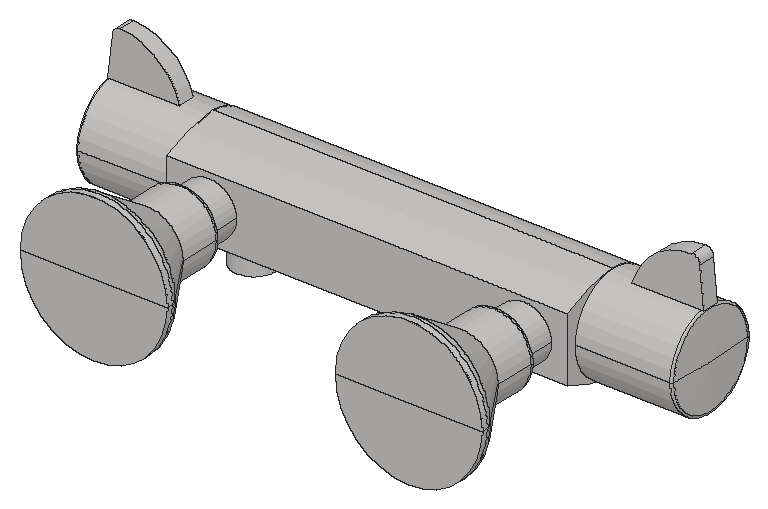
Revit family
Parameters (values of type "Type 1")
  WaterSupplyTemperatureMaximum = "55°C-85° (∆50°C : CW/HW)"
  WarrantyDurationUnit = "10 years"
  WarrantyDescription = "Any manufacturing defect"
  Version = "v1"
  URL = "http://www.delabie.com"
  Type Comments = "Wall-mounted thermostatic mixer"
  SerialNumber = "3456330115216"
  Radius = 10.3 mm
  ProductInformation = "http://www.delabie.com/products/h9741"
  Operation = "Dual control thermostatic mixer"
  NominalLength = 285 mm
  Name = "SECURITHERM Securitouch"
  ModelNumber = "H9741"
  Model = "SECURITHERM Securitouch"
  Material = Brass
  ManufacturerURL = "http://www.delabie.com"
  ManufacturerName = "DELABIE"
  Manufacturer = "DELABIE"
  IntegralAccessoryOptions = "Auto-draining device, hydrotherapy accessories, floor traps"
  IntegralAccessory = "Offset STOP/PURGE connectors"
  Grade = "ACS - NF - TMV3 - WRAS - BELGAQUA - PZH - HKWSD"
  FlowRate lps = "0,13 lps at 3 bar"
  FlowRate lpm = "8 lpm at 3 bar"
  Finish = Chrome-plated
  Features  = "SECURITHERM dual control thermostatic shower mixer with:\r\n- Anti-scalding failsafe: shuts off immediately if cold water supply fails. \r\n- Securitouch thermal insulation to prevent burns. \r\n- Scale-resistant thermostatic cartridge for temperature adjustment.\r\n- 1/4-turn ceramic head for flow rate adjustment.\r\n- Temperature control: 25 - 41°C.\r\n- Double temperature limiter: first limiter set at 38°C can be overridden, second limiter set at 41°C.\r\n- Thermal shocks are possible.\r\n- Flow rate limited to 8 lpm at 3 bar.\r\n- Chrome-plated brass body and ERGO controls.\r\n- M½\" shower outlet.\r\n- M¾\" inlets with integrated filters and non-return valves.\r\nMixer supplied with 2 offset STOP/PURGE wall connectors, M½\" M¾\"."
  Description = "French manufacturer Delabie is a leader in the European sanitary ware market for non-domestic places. Water controls, solutions for disabled people, sanitary ware, for schools, leisure centres, offices, hospitals, airports…"
  Category = "Shower mixer"
  Assembly Code = ""
Reference planes
  plane 1: y = 0
  plane 2 "Center (Left/Right)": x = 125
  plane 3 "Back": y = 75
  plane 4: y = 75
Text (mm)
  text "Placement side" at (-1787.139, 592.35, 0), in view "Ref. Level"
  text "Placement side" at (0, 1827.695, 2917.686), in view "Left"
  text "Placement side" at (0, 562.268, 3853.606), in view "Right"
Dimensions and locks
  locked: plane 3 "Back" to host wall at 0
  locked: plane 4 to plane 3 "Back" at 0
  aligned and locked: host wall to plane 1
  aligned and locked: plane 4 to nested 1
Nested families
  nested 1: "H9741" at (125, 75, 1000) x (-1, 0, 0) z (0, 1, 0), type "H9741"
Connectors
  piping at (51.556, 75, 1000), driven by "Radius"
    settings: on nested 1, index 1, connector radius 10.3 mm, flow factor 0, pipe flow 0.08 L/s, pressure drop 0.0 Pa, fitting loss kfactor 0, connector angle 0.00°, fixture units 0, flow configuration 0, flow direction 1, fitting loss method 0, system type 20, connector reference index -1, connector utility 0, adjustable connector no, is connector primary yes, fitting loss table "", connector description "In - Cold water"
  piping at (201.569, 75, 1000), driven by "Radius"
    settings: on nested 1, index 2, connector radius 10.3 mm, flow factor 0, pipe flow 0.08 L/s, pressure drop 0.0 Pa, fitting loss kfactor 0, connector angle 0.00°, fixture units 0, flow configuration 0, flow direction 1, fitting loss method 0, system type 19, connector reference index -1, connector utility 0, adjustable connector no, is connector primary no, fitting loss table "", connector description "In - Hot water"
Definition of nested family "H9741"
  Parameters (values of type "H9741")
    Profondeur = ""
    Largeur = ""
    Hauteur = ""
    Default Elevation = 1000 mm
    Description = ""
    Type Comments = ""
    Model = ""
    Manufacturer = "DELABIE"
    URL = "http://www.delabie.fr/"
    Technologie = ""
    Radius = 15 mm
    Raccordement = ""
    Finition = Laiton Chromé
    Lien notice d'installation = ""
    Lien fiche produit = ""
    Lien certification = ""
    Lien CCTP = ""
    Features 9 = "Chrome-plated brass body and ERGO controls."
    Features 8 = "Flow rate limited to 8 lpm at 3 bar."
    Features 7 = "Thermal shocks are possible."
    Features 6 = "Double temperature limiter: first limiter set at 38°C can be overridden, second limiter set at 41°C."
    Features 5 = "Temperature control: 25 - 41°C."
    Features 4 = "1/4-turn ceramic head for flow rate adjustment."
    Features 3 = "Scale-resistant thermostatic cartridge for temperature adjustment."
    Features 2 = "Securitouch thermal insulation to prevent burns."
    Features 12 = "Mixer supplied with 2 offset STOP/PURGE wall connectors, M½\" M¾\"."
    Features 11 = "M¾\" inlets with integrated filters and non-return valves."
    Features 10 = "M½\" shower outlet."
    Features 1 = "SECURITHERM dual control thermostatic shower mixer with:\r\n- Anti-scalding failsafe: shuts off immediately if cold water supply fails. "
    Famille de produits = ""
    Débit = ""
    COBie_WaterSupplyTemperatureMaximum = "55°C-85° (∆50°C : CW/HW)"
    COBie_WarrantyDurationUnit = "10 years"
    COBie_WarrantyDescription = "Any manufacturing defect"
    COBie_SerialNumber = "3456330115216"
    COBie_ProductInformation = "http://www.delabie.com/products/h9741"
    COBie_Operation = "Dual control thermostatic mixer"
    COBie_NominalLength = "28.5cm"
    COBie_Name = "SECURITHERM Securitouch"
    COBie_ModelNumber = "H9741"
    COBie_Material = "Brass"
    COBie_ManufacturerURL = "http://www.delabie.com"
    COBie_ManufacturerName = "DELABIE"
    COBie_IntegralAccessoryOptions = "Auto-draining device, hydrotherapy accessories, floor traps"
    COBie_IntegralAccessory = "Offset STOP/PURGE connectors"
    COBie_Grade = "ACS - NF - TMV3 - WRAS - BELGAQUA - PZH - HKWSD"
    COBie_FlowRate = "8 lpm"
    COBie_Finish = "Chrome-plated "
    COBie_Description = "Wall-mounted thermostatic mixer"
    Butée de température = ""
    Alimentation électrique = ""
  Reference planes
    plane 1 "Center (Front/Back)": y = 0
    plane 2: z = 0
    plane 3 "Center (Left/Right)": x = 0
  Forms (mm)
    Extrusion 1, solid
      sketch origin (0, 0, 0) x (1, 0, 0) y (0, 1, 0)
        loop
          line (-1219.2, 1219.2) -> (-1219.2, -1219.2) -> (1219.2, -1219.2) -> (1219.2, 1219.2) -> (-1219.2, 1219.2)
      from 0 to -304.8
    Extrusion 2, solid, material "Laiton Chromé" <- "Finition"
      sketch origin (0, 0, 0) x (0, 1, 0) y (0, 0, 1)
        loop
          arc (15.361, 68.41) -> (20.573, 81.52) -> (23.1, 95.4) r 71.269
          arc (23.1, 95.4) -> (0, 118.5) -> (-23.1, 95.4) r 23.1
          arc (-23.1, 95.4) -> (-20.573, 81.52) -> (-15.361, 68.41) r 71.269
          line (-15.361, 68.41) -> (15.361, 68.41)
      from -97.507 to 93.332
    Revolve 3, solid, material "Laiton Chromé" <- "Finition"
      sketch origin (0, 0, 0) x (1, 0, 0) y (0, 0, 1)
        loop
          line (140.631, 95.4) -> (139.802, 117.457)
          arc (139.802, 117.457) -> (139.51, 118.109) -> (138.848, 118.376) r 0.955
          line (138.848, 118.376) -> (93.332, 118.376) -> (93.332, 95.4) -> (140.631, 95.4)
        axis (93.332, 95.4) -> (140.631, 95.4)
      angle from 0 to 360
    Extrusion 4, solid, material "Laiton Chromé" <- "Finition"
      sketch origin (0, 0, 0) x (1, 0, 0) y (0, 1, 0)
        loop
          line (105.678, 22.593) -> (139.714, 22.593) -> (137.714, 41.629)
          arc (137.714, 41.629) -> (136.667, 44.156) -> (134.14, 45.203) r 3.574
          arc (134.14, 45.203) -> (116.199, 38.568) -> (105.678, 22.593) r 30.674
      from 91.36 to 99.388
    Revolve 5, solid, material "Laiton Chromé" <- "Finition"
      sketch origin (-4.175, 0, 0) x (-1, 0, 0) y (0, 0, -1)
        loop
          line (140.631, -95.4) -> (93.332, -95.4) -> (93.332, -118.376) -> (138.848, -118.376)
          arc (138.848, -118.376) -> (139.51, -118.109) -> (139.802, -117.457) r 0.955
          line (139.802, -117.457) -> (140.631, -95.4)
        axis (93.332, -95.4) -> (140.631, -95.4)
      angle from 0 to 360
    Extrusion 6, solid, material "Laiton Chromé" <- "Finition"
      sketch origin (-4.175, 0, 0) x (-1, 0, 0) y (0, -1, 0)
        loop
          arc (105.678, -22.593) -> (116.199, -38.568) -> (134.14, -45.203) r 30.674
          arc (134.14, -45.203) -> (136.667, -44.156) -> (137.714, -41.629) r 3.574
          line (137.714, -41.629) -> (139.714, -22.593) -> (105.678, -22.593)
      from 91.36 to 99.388
    Revolve 7, solid, material "Laiton Chromé" <- "Finition"
      sketch origin (0, 0, 0) x (1, 0, 0) y (0, 0, 1)
        loop
          line (-76.569, 0) -> (-41.569, 0) -> (-41.569, 3.069)
          arc (-41.569, 3.069) -> (-41.768, 4.432) -> (-42.348, 5.682) r 4.769
          line (-42.348, 5.682) -> (-58.959, 31.043) -> (-58.959, 50.85)
          arc (-58.959, 50.85) -> (-59.492, 52.136) -> (-60.778, 52.669) r 1.819
          line (-60.778, 52.669) -> (-63.568, 52.669) -> (-63.568, 68.41) -> (-76.569, 68.41) -> (-76.569, 0)
        axis (-76.569, 68.41) -> (-76.569, 0)
      angle from 0 to 360
    Revolve 8, solid, material "Laiton Chromé" <- "Finition"
      sketch origin (-3.125, 0, 0) x (-1, 0, 0) y (0, 0, -1)
        loop
          line (-76.569, 0) -> (-76.569, -68.41) -> (-63.568, -68.41) -> (-63.568, -52.669) -> (-60.778, -52.669)
          arc (-60.778, -52.669) -> (-59.492, -52.136) -> (-58.959, -50.85) r 1.819
          line (-58.959, -50.85) -> (-58.959, -31.043) -> (-42.348, -5.682)
          arc (-42.348, -5.682) -> (-41.768, -4.432) -> (-41.569, -3.069) r 4.769
          line (-41.569, -3.069) -> (-41.569, 0) -> (-76.569, 0)
        axis (-76.569, -68.41) -> (-76.569, 0)
      angle from 0 to 360
    Extrusion 9, solid, material "Laiton Chromé" <- "Finition"
      sketch origin (0, 0, 0) x (1, 0, 0) y (0, 0, 1)
        loop
          circle (73.431, 95.4) r 10.25
      from 19.6 to 35
    Extrusion 10, solid, material "Laiton Chromé" <- "Finition", not visible
      sketch origin (0, 0, 0) x (0, 1, 0) y (0, 0, 1)
        loop
          arc (15.361, 68.41) -> (20.573, 81.52) -> (23.1, 95.4) r 71.269
          arc (23.1, 95.4) -> (0, 118.5) -> (-23.1, 95.4) r 23.1
          arc (-23.1, 95.4) -> (-20.573, 81.52) -> (-15.361, 68.41) r 71.269
          line (-15.361, 68.41) -> (15.361, 68.41)
      from -97.507 to 93.332
    Revolve 11, solid, material "Laiton Chromé" <- "Finition", not visible
      sketch origin (0, 0, 0) x (1, 0, 0) y (0, 0, 1)
        loop
          line (140.631, 95.4) -> (139.802, 117.457)
          arc (139.802, 117.457) -> (139.51, 118.109) -> (138.848, 118.376) r 0.955
          line (138.848, 118.376) -> (93.332, 118.376) -> (93.332, 95.4) -> (140.631, 95.4)
        axis (93.332, 95.4) -> (140.631, 95.4)
      angle from 0 to 360
    Extrusion 12, solid, material "Laiton Chromé" <- "Finition", not visible
      sketch origin (0, 0, 0) x (1, 0, 0) y (0, 1, 0)
        loop
          line (105.678, 22.593) -> (139.714, 22.593) -> (137.714, 41.629)
          arc (137.714, 41.629) -> (136.667, 44.156) -> (134.14, 45.203) r 3.574
          arc (134.14, 45.203) -> (116.199, 38.568) -> (105.678, 22.593) r 30.674
      from 91.36 to 99.388
    Revolve 13, solid, material "Laiton Chromé" <- "Finition", not visible
      sketch origin (-4.175, 0, 0) x (-1, 0, 0) y (0, 0, -1)
        loop
          line (140.631, -95.4) -> (93.332, -95.4) -> (93.332, -118.376) -> (138.848, -118.376)
          arc (138.848, -118.376) -> (139.51, -118.109) -> (139.802, -117.457) r 0.955
          line (139.802, -117.457) -> (140.631, -95.4)
        axis (93.332, -95.4) -> (140.631, -95.4)
      angle from 0 to 360
    Extrusion 14, solid, material "Laiton Chromé" <- "Finition", not visible
      sketch origin (-4.175, 0, 0) x (-1, 0, 0) y (0, -1, 0)
        loop
          arc (105.678, -22.593) -> (116.199, -38.568) -> (134.14, -45.203) r 30.674
          arc (134.14, -45.203) -> (136.667, -44.156) -> (137.714, -41.629) r 3.574
          line (137.714, -41.629) -> (139.714, -22.593) -> (105.678, -22.593)
      from 91.36 to 99.388
    Revolve 15, solid, material "Laiton Chromé" <- "Finition", not visible
      sketch origin (0, 0, 0) x (1, 0, 0) y (0, 0, 1)
        loop
          line (-76.569, 0) -> (-41.569, 0) -> (-41.569, 3.069)
          arc (-41.569, 3.069) -> (-41.768, 4.432) -> (-42.348, 5.682) r 4.769
          line (-42.348, 5.682) -> (-58.959, 31.043) -> (-58.959, 50.85)
          arc (-58.959, 50.85) -> (-59.492, 52.136) -> (-60.778, 52.669) r 1.819
          line (-60.778, 52.669) -> (-63.568, 52.669) -> (-63.568, 68.41) -> (-76.569, 68.41) -> (-76.569, 0)
        axis (-76.569, 68.41) -> (-76.569, 0)
      angle from 0 to 360
    Revolve 16, solid, material "Laiton Chromé" <- "Finition", not visible
      sketch origin (-3.125, 0, 0) x (-1, 0, 0) y (0, 0, -1)
        loop
          line (-76.569, 0) -> (-76.569, -68.41) -> (-63.568, -68.41) -> (-63.568, -52.669) -> (-60.778, -52.669)
          arc (-60.778, -52.669) -> (-59.492, -52.136) -> (-58.959, -50.85) r 1.819
          line (-58.959, -50.85) -> (-58.959, -31.043) -> (-42.348, -5.682)
          arc (-42.348, -5.682) -> (-41.768, -4.432) -> (-41.569, -3.069) r 4.769
          line (-41.569, -3.069) -> (-41.569, 0) -> (-76.569, 0)
        axis (-76.569, -68.41) -> (-76.569, 0)
      angle from 0 to 360
    Extrusion 17, solid, material "Laiton Chromé" <- "Finition", not visible
      sketch origin (0, 0, 0) x (1, 0, 0) y (0, 0, 1)
        loop
          circle (73.431, 95.4) r 10.25
      from 19.6 to 35
  Cuts and joins
    joined: Extrusion 2, Revolve 7, Revolve 8, Extrusion 9
  Dimensions and locks
    locked: cut or joined group of Extrusion 2, Revolve 7, Revolve 8, Extrusion 9 to level at 0
    aligned and locked: plane 2 to Extrusion 1
    aligned and locked: level to Extrusion 1
